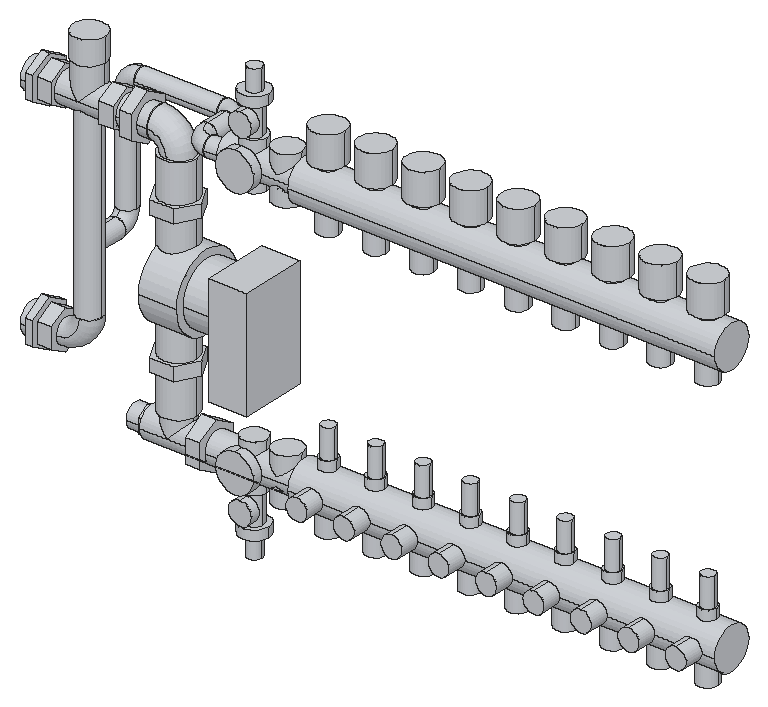
Revit family "318_5a24140bcc7f4765b1e0aee52cd06d", category Pipe Accessories, Revit 2017
Family settings
  Round Connector Dimension = Use Diameter
  Part Type = Valve - Normal
  Work Plane-Based = No
  Always vertical = Yes
  Cut with Voids When Loaded = No
  Shared = No
Parameters (values of type "R559NY009")
  magi_piping_qv_2_9 [instance] = 0.0 L/s
  magi_piping_qv_2_8 [instance] = 0.0 L/s
  magi_piping_qv_2_7 [instance] = 0.0 L/s
  magi_piping_qv_2_6 [instance] = 0.0 L/s
  magi_piping_qv_2_5 [instance] = 0.0 L/s
  magi_piping_qv_2_4 [instance] = 0.0 L/s
  magi_piping_qv_2_3 [instance] = 0.0 L/s
  magi_piping_qv_2_2 [instance] = 0.0 L/s
  magi_piping_qv_2_1 [instance] = 0.0 L/s
  magi_piping_qv_1_9 [instance] = 0.0 L/s
  magi_piping_qv_1_8 [instance] = 0.0 L/s
  magi_piping_qv_1_7 [instance] = 0.0 L/s
  magi_piping_qv_1_6 [instance] = 0.0 L/s
  magi_piping_qv_1_5 [instance] = 0.0 L/s
  magi_piping_qv_1_4 [instance] = 0.0 L/s
  magi_piping_qv_1_3 [instance] = 0.0 L/s
  magi_piping_qv_1_2 [instance] = 0.0 L/s
  magi_piping_qv_1_1 [instance] = 0.0 L/s
  magi_piping_qv [instance] = 0.0 L/s
  magi_piping_power_9 [instance] = 0 W
  magi_piping_power_8 [instance] = 0 W
  magi_piping_power_7 [instance] = 0 W
  magi_piping_power_6 [instance] = 0 W
  magi_piping_power_5 [instance] = 0 W
  magi_piping_power_4 [instance] = 0 W
  magi_piping_power_3 [instance] = 0 W
  magi_piping_power_2 [instance] = 0 W
  magi_piping_power_1 [instance] = 0 W
  magi_piping_kv_9 [instance] = 0
  magi_piping_kv_8 [instance] = 0
  magi_piping_kv_7 [instance] = 0
  magi_piping_kv_6 [instance] = 0
  magi_piping_kv_5 [instance] = 0
  magi_piping_kv_4 [instance] = 0
  magi_piping_kv_3 [instance] = 0
  magi_piping_kv_2 [instance] = 0
  magi_piping_kv_1 [instance] = 0
  magi_piping_dpTot_9 [instance] = 0.0 Pa
  magi_piping_dpTot_8 [instance] = 0.0 Pa
  magi_piping_dpTot_7 [instance] = 0.0 Pa
  magi_piping_dpTot_6 [instance] = 0.0 Pa
  magi_piping_dpTot_5 [instance] = 0.0 Pa
  magi_piping_dpTot_4 [instance] = 0.0 Pa
  magi_piping_dpTot_3 [instance] = 0.0 Pa
  magi_piping_dpTot_2 [instance] = 0.0 Pa
  magi_piping_dpTot_1 [instance] = 0.0 Pa
  magi_adjustmentValue_9 [instance] = ""
  magi_adjustmentValue_8 [instance] = ""
  magi_adjustmentValue_7 [instance] = ""
  magi_adjustmentValue_6 [instance] = ""
  magi_adjustmentValue_5 [instance] = ""
  magi_adjustmentValue_4 [instance] = ""
  magi_adjustmentValue_3 [instance] = ""
  magi_adjustmentValue_2 [instance] = ""
  magi_adjustmentValue_1 [instance] = ""
  magiProductId = "5a24140bcc7f4765b1e0aee52cd06d"
  magiProductFamilyId = "5a24140bcc7f4765b1e0aee52cd06d"
  magiProductCode = "R559NY009"
  magiPartTypeId = 318
  X1 = 312 mm
  VersionID = "2.0/2016.10.37.0/GIACOMINI_R559N_001"
  VL1 = 287 mm
  URL = "http://www.giacomini.com/en"
  SMP = 25 mm
  SBP9 = 18 mm
  SBP8 = 18 mm
  SBP7 = 18 mm
  SBP6 = 18 mm
  SBP5 = 18 mm
  SBP4 = 18 mm
  SBP3 = 18 mm
  SBP2 = 18 mm
  SBP12 = 18 mm
  SBP11 = 18 mm
  SBP10 = 18 mm
  SBP1 = 18 mm
  RMP = 25 mm
  RBP9 = 18 mm
  RBP8 = 18 mm
  RBP7 = 18 mm
  RBP6 = 18 mm
  RBP5 = 18 mm
  RBP4 = 18 mm
  RBP3 = 18 mm
  RBP2 = 18 mm
  RBP12 = 18 mm
  RBP11 = 18 mm
  RBP10 = 18 mm
  RBP1 = 18 mm
  R2 = 22 mm
  QmdConnectorList = "321;SMP;322;SBP1;323;SBP2;324;SBP3;325;SBP4;326;SBP5;327;SBP6;328;SBP7;329;SBP8;330;SBP9;351;RMP;352;RBP1;353;RBP2;354;RBP3;355;RBP4;356;RBP5;357;RBP6;358;RBP7;359;RBP8;360;RBP9"
  Productdata [instance] = "© Progman Oy, all rights reserved"
  N9 = yes
  N8 = yes
  N7 = yes
  N6 = yes
  N5 = yes
  N12 = no
  N11 = no
  N10 = no
  Manufacturer = "Giacomini"
  MC_Default_elevation = 0 mm
  L = 450 mm
  I = 50 mm
  H5 = 33 mm
  H4 = 5 mm
  H3__ve = -H3  # -40 mm
  H3 = 40 mm
  H2__ve = -H2  # -20 mm
  H2 = 20 mm
  H12 = 30 mm
  H11 = 10 mm
  Flow supply main [instance] = Flow supply 1 + Flow supply 2 + Flow supply 3 + Flow supply 4 + Flow supply 5 + Flow supply 6 + Flow supply 7 + Flow supply 8 + Flow supply 9  # 0.0 L/s
  Flow supply 9 [instance] = 0.0 L/s
  Flow supply 8 [instance] = 0.0 L/s
  Flow supply 7 [instance] = 0.0 L/s
  Flow supply 6 [instance] = 0.0 L/s
  Flow supply 5 [instance] = 0.0 L/s
  Flow supply 4 [instance] = 0.0 L/s
  Flow supply 3 [instance] = 0.0 L/s
  Flow supply 2 [instance] = 0.0 L/s
  Flow supply 1 [instance] = 0.0 L/s
  Flow return main [instance] = Flow return 1 + Flow return 2 + Flow return 3 + Flow return 4 + Flow return 5 + Flow return 6 + Flow return 7 + Flow return 8 + Flow return 9  # 0.0 L/s
  Flow return 9 [instance] = 0.0 L/s
  Flow return 8 [instance] = 0.0 L/s
  Flow return 7 [instance] = 0.0 L/s
  Flow return 6 [instance] = 0.0 L/s
  Flow return 5 [instance] = 0.0 L/s
  Flow return 4 [instance] = 0.0 L/s
  Flow return 3 [instance] = 0.0 L/s
  Flow return 2 [instance] = 0.0 L/s
  Flow return 1 [instance] = 0.0 L/s
  E = 285 mm
  Description = "MANIFOLD WITH MIXING VALVE AND ELECTRONIC REGULATION"
  D4 = 22 mm
  D32 = 14 mm
  D31 = 18 mm
  D2 = 44 mm
  CAT0 = yes
Reference planes
  plane 1 "Center (Front/Back)": y = 0
  plane 2 "XYPLANE": z = 0
  plane 3 "Center (Left/Right)": x = 0
  plane 4 "INIT_TEMP": y = 100
  plane 5 "634": y = -5
  plane 6 "630": y = 10
  plane 7 "629": x = 192
  plane 8 "626": x = 177
  plane 9 "621": x = 162
  plane 10 "619": z = 0
  plane 11 "615": x = 75
  plane 12 "614": z = -15
  plane 13 "611": y = 50
  plane 14 "607": z = -126
  plane 15 "606": y = 35
  plane 16 "603": z = -141
  plane 17 "598": x = 122
  plane 18 "595": x = 133
  plane 19 "256": z = -325
  plane 20 "255": z = -162.5
  plane 21 "254": x = 214
  plane 22 "253": x = 184
  plane 23 "252": z = -142.5
  plane 24 "251": x = 144
  plane 25 "250": z = -210
  plane 26 "249": z = 36
  plane 27 "248": z = 67
  plane 28 "247": z = 57
  plane 29 "246": z = 41
  plane 30 "245": z = 25
  plane 31 "244": x = 234
  plane 32 "243": x = 126
  plane 33 "242": z = -231
  plane 34 "241": x = 137
  plane 35 "240": x = 194
  plane 36 "239": y = -16
  plane 37 "238": y = -9
  plane 38 "237": z = -326
  plane 39 "236": z = -352
  plane 40 "235": z = -342
  plane 41 "234": z = -224
  plane 42 "233": z = -264
  plane 43 "232": z = -61
  plane 44 "231": z = -21
  plane 45 "230": x = 287
  plane 46 "229": z = -263
  plane 47 "228": x = 0
  plane 48 "227": y = 0
  plane 49 "226": z = -285
  plane 50 "225": z = 0
  plane 51 "224": z = 22
  plane 52 "223": x = 312
  plane 53 "222": x = 362
  plane 54 "221": y = -22
  plane 55 "220": x = 412
  plane 56 "219": x = 462
  plane 57 "218": x = 512
  plane 58 "217": x = 562
  plane 59 "216": x = 612
  plane 60 "215": x = 662
  plane 61 "214": x = 712
  plane 62 "213": x = 762
  plane 63 "212": x = 812
  plane 64 "211": x = 862
  plane 65 "210": z = -310
  plane 66 "209": z = 27
  plane 67 "208": z = -253
  plane 68 "207": x = 154
  plane 69 "206": z = 25
  plane 70 "205": x = 269
  plane 71 "204": z = -260
  plane 72 "203": x = 60
  plane 73 "202": x = 100
  plane 74 "201": x = 20
  plane 75 "200": x = 35
  plane 76 "199": z = -206
  plane 77 "198": z = -40
  plane 78 "4": x = 10
Forms (mm)
  Extrusion 1, solid
    sketch origin (192, -750, 0) x (0, 1, 0) y (0, 0, 1)
      loop
        circle (745, 0) r 10
    from 0 to 15
  Revolve 2, solid
    sketch origin (177, 10, 0) x (0, 0, -1) y (1, 0, 0)
      loop
        circle (0, 0) r 10
      axis (-10, 15) -> (10, 15)
    angle from 0 to -90
  Extrusion 3, solid
    sketch origin (750, 35, 0) x (-1, 0, 0) y (0, 0, 1)
      loop
        circle (573, 0) r 10
    from 0 to -25
  Revolve 4, solid
    sketch origin (162, 50, 0) x (0, 1, 0) y (0, 0, 1)
      loop
        circle (0, 0) r 10
      axis (-15, 0) -> (-15, 1)
    angle from 0 to -90
  Extrusion 5, solid
    sketch origin (75, -750, 0) x (0, 1, 0) y (0, 0, 1)
      loop
        circle (800, 0) r 10
    from 0 to 87
  Revolve 6, solid
    sketch origin (60, 50, -15) x (1, 0, 0) y (0, 1, 0)
      loop
        circle (0, 0) r 10
      axis (15, 0) -> (15, -1)
    angle from 0 to -90
  Extrusion 7, solid
    sketch origin (-750, 0, -126) x (1, 0, 0) y (0, 1, 0)
      loop
        circle (810, 50) r 10
    from 0 to 111
  Revolve 8, solid
    sketch origin (60, 35, -141) x (0, 0, 1) y (1, 0, 0)
      loop
        circle (0, 0) r 10
      axis (15, 0) -> (15, -1)
    angle from 0 to -90
  Extrusion 9, solid
    sketch origin (750, 0, 0) x (-1, 0, 0) y (0, 0, 1)
      loop
        circle (690, -141) r 10
    from 0 to 35
  Revolve 10, solid
    sketch origin (133, 0, 0) x (0, 1, 0) y (0, 0, 1)
      loop
        circle (0, 0) r 16
      axis (16, -21) -> (-16, -21)
    angle from 0 to -90
  Extrusion 11, solid
    sketch origin (10, -750, 0) x (0, 1, 0) y (0, 0, 1)
      loop
        line (750, 25) -> (728.349, 12.5) -> (728.349, -12.5) -> (750, -25) -> (771.651, -12.5) -> (771.651, 12.5) -> (750, 25)
    from 0 to 8
  Extrusion 12, solid
    sketch origin (0, -750, 0) x (0, 1, 0) y (0, 0, 1)
      loop
        circle (750, 0) r 16
    from 0 to 133
  Extrusion 13, solid
    sketch origin (-750, 0, 36) x (1, 0, 0) y (0, 1, 0)
      loop
        circle (810, 0) r 17
    from 0 to 25
  Extrusion 14, solid
    sketch origin (214, -750, 0) x (0, 1, 0) y (0, 0, 1)
      loop
        line (715, -104.5) -> (715, -220.5) -> (785, -220.5) -> (785, -104.5) -> (715, -104.5)
    from 0 to 40
  Extrusion 15, solid
    sketch origin (184, -750, 0) x (0, 1, 0) y (0, 0, 1)
      loop
        circle (750, -142.5) r 32.5
    from 0 to 30
  Extrusion 16, solid
    sketch origin (144, -750, 0) x (0, 1, 0) y (0, 0, 1)
      loop
        circle (750, -142.5) r 40
    from 0 to 40
  Extrusion 17, solid
    sketch origin (-750, 0, -210) x (1, 0, 0) y (0, 1, 0)
      loop
        circle (904, 0) r 19
    from 0 to 135
  Extrusion 18, solid
    sketch origin (-750, 0, 0) x (1, 0, 0) y (0, 1, 0)
      loop
        circle (810, 0) r 16
    from 0 to 36
  Extrusion 19, solid
    sketch origin (750, -16, 0) x (-1, 0, 0) y (0, 0, 1)
      loop
        circle (516, 0) r 20
    from 0 to -10
  Extrusion 20, solid
    sketch origin (-750, 0, 25) x (1, 0, 0) y (0, 1, 0)
      loop
        circle (984, 0) r 9
    from 0 to 32
  Extrusion 21, solid
    sketch origin (-750, 0, 57) x (1, 0, 0) y (0, 1, 0)
      loop
        circle (984, 0) r 15
    from 0 to 10
  Extrusion 22, solid
    sketch origin (-750, 0, 67) x (1, 0, 0) y (0, 1, 0)
      loop
        circle (984, 0) r 7.5
    from 0 to 22
  Extrusion 23, solid
    sketch origin (750, -9, 0) x (-1, 0, 0) y (0, 0, 1)
      loop
        circle (516, 41) r 12
    from 0 to -10
  Extrusion 24, solid
    sketch origin (-750, 0, 25) x (1, 0, 0) y (0, 1, 0)
      loop
        circle (984, 0) r 13
    from 0 to -50
  Extrusion 25, solid
    sketch origin (750, -16, 0) x (-1, 0, 0) y (0, 0, 1)
      loop
        circle (516, -285) r 20
    from 0 to -10
  Extrusion 26, solid
    sketch origin (750, -9, 0) x (-1, 0, 0) y (0, 0, 1)
      loop
        circle (516, -326) r 12
    from 0 to -10
  Extrusion 27, solid
    sketch origin (-750, 0, -352) x (1, 0, 0) y (0, 1, 0)
      loop
        circle (984, 0) r 7.5
    from 0 to -22
  Extrusion 28, solid
    sketch origin (-750, 0, -342) x (1, 0, 0) y (0, 1, 0)
      loop
        circle (984, 0) r 15
    from 0 to -10
  Extrusion 29, solid
    sketch origin (-750, 0, -310) x (1, 0, 0) y (0, 1, 0)
      loop
        circle (984, 0) r 9
    from 0 to -32
  Extrusion 30, solid
    sketch origin (-750, 0, -264) x (1, 0, 0) y (0, 1, 0)
      loop
        circle (904, 0) r 19
    from 0 to 40
  Extrusion 31, solid
    sketch origin (-750, 0, -285) x (1, 0, 0) y (0, 1, 0)
      loop
        circle (904, 0) r 16
    from 0 to 21
  Extrusion 32, solid
    sketch origin (-750, 0, -224) x (1, 0, 0) y (0, 1, 0)
      loop
        line (929, 0) -> (916.5, 21.651) -> (891.5, 21.651) -> (879, 0) -> (891.5, -21.651) -> (916.5, -21.651) -> (929, 0)
    from 0 to 14
  Extrusion 33, solid
    sketch origin (-750, 0, -61) x (1, 0, 0) y (0, 1, 0)
      loop
        line (879, 0) -> (891.5, -21.651) -> (916.5, -21.651) -> (929, 0) -> (916.5, 21.651) -> (891.5, 21.651) -> (879, 0)
    from 0 to -14
  Extrusion 34, solid
    sketch origin (-750, 0, -21) x (1, 0, 0) y (0, 1, 0)
      loop
        circle (904, 0) r 19
    from 0 to -40
  Extrusion 35, solid, visible <- "CAT0"
    sketch origin (126, -750, 0) x (0, 1, 0) y (0, 0, 1)
      loop
        circle (750, -285) r 12.5
    from 0 to -17
  Extrusion 36, solid
    sketch origin (137, -750, 0) x (0, 1, 0) y (0, 0, 1)
      loop
        line (750, -270) -> (737.01, -277.5) -> (737.01, -292.5) -> (750, -300) -> (762.99, -292.5) -> (762.99, -277.5) -> (750, -270)
    from 0 to -15
  Extrusion 37, solid
    sketch origin (122, -750, 0) x (0, 1, 0) y (0, 0, 1)
      loop
        line (750, 25) -> (728.349, 12.5) -> (728.349, -12.5) -> (750, -25) -> (771.651, -12.5) -> (771.651, 12.5) -> (750, 25)
    from 0 to -13
  Extrusion 38, solid
    sketch origin (287, -750, 0) x (0, 1, 0) y (0, 0, 1)
      loop
        circle (750, 0) r 16
    from 0 to -80
  Extrusion 39, solid
    sketch origin (194, -750, 0) x (0, 1, 0) y (0, 0, 1)
      loop
        line (750, -260) -> (728.349, -272.5) -> (728.349, -297.5) -> (750, -310) -> (771.651, -297.5) -> (771.651, -272.5) -> (750, -260)
    from 0 to -15
  Extrusion 40, solid
    sketch origin (287, -750, 0) x (0, 1, 0) y (0, 0, 1)
      loop
        circle (750, -285) r 16
    from 0 to -161
  Extrusion 41, solid, visible <- "N10"
    sketch origin (-750, 0, 0) x (1, 0, 0) y (0, 1, 0)
      loop
        circle (1512, 0) r 11
    from 0 to -40 <- "H3__ve"
  Extrusion 42, solid, visible <- "N10"
    sketch origin (-750, 0, 22) x (1, 0, 0) y (0, 1, 0)
      loop
        circle (1512, 0) r 11
    from 0 to 5 <- "H4"
  Extrusion 43, solid, visible <- "N10"
    sketch origin (-750, 0, 27) x (1, 0, 0) y (0, 1, 0)
      loop
        circle (1512, 0) r 17.5
    from 0 to 33 <- "H5"
  Extrusion 44, solid, visible <- "N12"
    sketch origin (-750, 0, 27) x (1, 0, 0) y (0, 1, 0)
      loop
        circle (1612, 0) r 17.5
    from 0 to 33 <- "H5"
  Extrusion 45, solid, visible <- "N12"
    sketch origin (-750, 0, 22) x (1, 0, 0) y (0, 1, 0)
      loop
        circle (1612, 0) r 11
    from 0 to 5 <- "H4"
  Extrusion 46, solid, visible <- "N12"
    sketch origin (-750, 0, 0) x (1, 0, 0) y (0, 1, 0)
      loop
        circle (1612, 0) r 11
    from 0 to -40 <- "H3__ve"
  Extrusion 47, solid, visible <- "N11"
    sketch origin (-750, 0, 0) x (1, 0, 0) y (0, 1, 0)
      loop
        circle (1562, 0) r 11
    from 0 to -40 <- "H3__ve"
  Extrusion 48, solid, visible <- "N11"
    sketch origin (-750, 0, 22) x (1, 0, 0) y (0, 1, 0)
      loop
        circle (1562, 0) r 11
    from 0 to 5 <- "H4"
  Extrusion 49, solid, visible <- "N11"
    sketch origin (-750, 0, 27) x (1, 0, 0) y (0, 1, 0)
      loop
        circle (1562, 0) r 17.5
    from 0 to 33 <- "H5"
  Extrusion 50, solid, visible <- "N8"
    sketch origin (-750, 0, 27) x (1, 0, 0) y (0, 1, 0)
      loop
        circle (1412, 0) r 17.5
    from 0 to 33 <- "H5"
  Extrusion 51, solid, visible <- "N8"
    sketch origin (-750, 0, 22) x (1, 0, 0) y (0, 1, 0)
      loop
        circle (1412, 0) r 11
    from 0 to 5 <- "H4"
  Extrusion 52, solid, visible <- "N8"
    sketch origin (-750, 0, 0) x (1, 0, 0) y (0, 1, 0)
      loop
        circle (1412, 0) r 11
    from 0 to -40 <- "H3__ve"
  Extrusion 53, solid, visible <- "N9"
    sketch origin (-750, 0, 0) x (1, 0, 0) y (0, 1, 0)
      loop
        circle (1462, 0) r 11
    from 0 to -40 <- "H3__ve"
  Extrusion 54, solid, visible <- "N9"
    sketch origin (-750, 0, 22) x (1, 0, 0) y (0, 1, 0)
      loop
        circle (1462, 0) r 11
    from 0 to 5 <- "H4"
  Extrusion 55, solid, visible <- "N9"
    sketch origin (-750, 0, 27) x (1, 0, 0) y (0, 1, 0)
      loop
        circle (1462, 0) r 17.5
    from 0 to 33 <- "H5"
  Extrusion 56, solid, visible <- "N7"
    sketch origin (-750, 0, 27) x (1, 0, 0) y (0, 1, 0)
      loop
        circle (1362, 0) r 17.5
    from 0 to 33 <- "H5"
  Extrusion 57, solid, visible <- "N7"
    sketch origin (-750, 0, 22) x (1, 0, 0) y (0, 1, 0)
      loop
        circle (1362, 0) r 11
    from 0 to 5 <- "H4"
  Extrusion 58, solid, visible <- "N7"
    sketch origin (-750, 0, 0) x (1, 0, 0) y (0, 1, 0)
      loop
        circle (1362, 0) r 11
    from 0 to -40 <- "H3__ve"
  Extrusion 59, solid, visible <- "N6"
    sketch origin (-750, 0, 0) x (1, 0, 0) y (0, 1, 0)
      loop
        circle (1312, 0) r 11
    from 0 to -40 <- "H3__ve"
  Extrusion 60, solid, visible <- "N6"
    sketch origin (-750, 0, 22) x (1, 0, 0) y (0, 1, 0)
      loop
        circle (1312, 0) r 11
    from 0 to 5 <- "H4"
  Extrusion 61, solid, visible <- "N6"
    sketch origin (-750, 0, 27) x (1, 0, 0) y (0, 1, 0)
      loop
        circle (1312, 0) r 17.5
    from 0 to 33 <- "H5"
  Extrusion 62, solid, visible <- "N5"
    sketch origin (-750, 0, 27) x (1, 0, 0) y (0, 1, 0)
      loop
        circle (1262, 0) r 17.5
    from 0 to 33 <- "H5"
  Extrusion 63, solid, visible <- "N5"
    sketch origin (-750, 0, 22) x (1, 0, 0) y (0, 1, 0)
      loop
        circle (1262, 0) r 11
    from 0 to 5 <- "H4"
  Extrusion 64, solid, visible <- "N5"
    sketch origin (-750, 0, 0) x (1, 0, 0) y (0, 1, 0)
      loop
        circle (1262, 0) r 11
    from 0 to -40 <- "H3__ve"
  Extrusion 65, solid
    sketch origin (-750, 0, 0) x (1, 0, 0) y (0, 1, 0)
      loop
        circle (1212, 0) r 11
    from 0 to -40 <- "H3__ve"
  Extrusion 66, solid
    sketch origin (-750, 0, 22) x (1, 0, 0) y (0, 1, 0)
      loop
        circle (1212, 0) r 11
    from 0 to 5 <- "H4"
  Extrusion 67, solid
    sketch origin (-750, 0, 27) x (1, 0, 0) y (0, 1, 0)
      loop
        circle (1212, 0) r 17.5
    from 0 to 33 <- "H5"
  Extrusion 68, solid
    sketch origin (-750, 0, 27) x (1, 0, 0) y (0, 1, 0)
      loop
        circle (1162, 0) r 17.5
    from 0 to 33 <- "H5"
  Extrusion 69, solid
    sketch origin (-750, 0, 22) x (1, 0, 0) y (0, 1, 0)
      loop
        circle (1162, 0) r 11
    from 0 to 5 <- "H4"
  Extrusion 70, solid
    sketch origin (-750, 0, 22) x (1, 0, 0) y (0, 1, 0)
      loop
        circle (1112, 0) r 11
    from 0 to 5 <- "H4"
  Extrusion 71, solid
    sketch origin (-750, 0, 27) x (1, 0, 0) y (0, 1, 0)
      loop
        circle (1112, 0) r 17.5
    from 0 to 33 <- "H5"
  Extrusion 72, solid
    sketch origin (-750, 0, 27) x (1, 0, 0) y (0, 1, 0)
      loop
        circle (1062, 0) r 17.5
    from 0 to 33 <- "H5"
  Extrusion 73, solid
    sketch origin (-750, 0, 22) x (1, 0, 0) y (0, 1, 0)
      loop
        circle (1062, 0) r 11
    from 0 to 5 <- "H4"
  Extrusion 74, solid
    sketch origin (-750, 0, 0) x (1, 0, 0) y (0, 1, 0)
      loop
        circle (1162, 0) r 11
    from 0 to -40 <- "H3__ve"
  Extrusion 75, solid
    sketch origin (-750, 0, 0) x (1, 0, 0) y (0, 1, 0)
      loop
        circle (1062, 0) r 11
    from 0 to -40 <- "H3__ve"
  Extrusion 76, solid
    sketch origin (-750, 0, 0) x (1, 0, 0) y (0, 1, 0)
      loop
        circle (1112, 0) r 11
    from 0 to -40 <- "H3__ve"
  Extrusion 77, solid
    sketch origin (287, -750, 0) x (0, 1, 0) y (0, 0, 1)
      loop
        circle (750, 0) r 22
    from 0 to 450 <- "L"
  Extrusion 78, solid, visible <- "N8"
    sketch origin (-750, 0, -285) x (1, 0, 0) y (0, 1, 0)
      loop
        circle (1412, 0) r 11
    from 0 to -40 <- "H3__ve"
  Extrusion 79, solid, visible <- "N9"
    sketch origin (-750, 0, -285) x (1, 0, 0) y (0, 1, 0)
      loop
        circle (1462, 0) r 11
    from 0 to -40 <- "H3__ve"
  Extrusion 80, solid, visible <- "N10"
    sketch origin (-750, 0, -285) x (1, 0, 0) y (0, 1, 0)
      loop
        circle (1512, 0) r 11
    from 0 to -40 <- "H3__ve"
  Extrusion 81, solid, visible <- "N11"
    sketch origin (-750, 0, -285) x (1, 0, 0) y (0, 1, 0)
      loop
        circle (1562, 0) r 11
    from 0 to -40 <- "H3__ve"
  Extrusion 82, solid, visible <- "N12"
    sketch origin (-750, 0, -285) x (1, 0, 0) y (0, 1, 0)
      loop
        circle (1612, 0) r 11
    from 0 to -40 <- "H3__ve"
  Extrusion 83, solid, visible <- "N7"
    sketch origin (-750, 0, -285) x (1, 0, 0) y (0, 1, 0)
      loop
        circle (1362, 0) r 11
    from 0 to -40 <- "H3__ve"
  Extrusion 84, solid, visible <- "N6"
    sketch origin (-750, 0, -285) x (1, 0, 0) y (0, 1, 0)
      loop
        circle (1312, 0) r 11
    from 0 to -40 <- "H3__ve"
  Extrusion 85, solid, visible <- "N5"
    sketch origin (-750, 0, -285) x (1, 0, 0) y (0, 1, 0)
      loop
        circle (1262, 0) r 11
    from 0 to -40 <- "H3__ve"
  Extrusion 86, solid
    sketch origin (-750, 0, -285) x (1, 0, 0) y (0, 1, 0)
      loop
        circle (1212, 0) r 11
    from 0 to -40 <- "H3__ve"
  Extrusion 87, solid
    sketch origin (-750, 0, -285) x (1, 0, 0) y (0, 1, 0)
      loop
        circle (1162, 0) r 11
    from 0 to -40 <- "H3__ve"
  Extrusion 88, solid
    sketch origin (-750, 0, -285) x (1, 0, 0) y (0, 1, 0)
      loop
        circle (1112, 0) r 11
    from 0 to -40 <- "H3__ve"
  Extrusion 89, solid
    sketch origin (-750, 0, -285) x (1, 0, 0) y (0, 1, 0)
      loop
        circle (1062, 0) r 11
    from 0 to -40 <- "H3__ve"
  Extrusion 90, solid
    sketch origin (287, -750, 0) x (0, 1, 0) y (0, 0, 1)
      loop
        circle (750, -285) r 22
    from 0 to 450 <- "L"
  Extrusion 91, solid
    sketch origin (-750, 0, -263) x (1, 0, 0) y (0, 1, 0)
      loop
        circle (1062, 0) r 9
    from 0 to 10 <- "H11"
  Extrusion 92, solid
    sketch origin (750, -22, 0) x (-1, 0, 0) y (0, 0, 1)
      loop
        circle (438, -285) r 11
    from 0 to -20 <- "H2__ve"
  Extrusion 93, solid
    sketch origin (750, -22, 0) x (-1, 0, 0) y (0, 0, 1)
      loop
        circle (388, -285) r 11
    from 0 to -20 <- "H2__ve"
  Extrusion 94, solid
    sketch origin (750, -22, 0) x (-1, 0, 0) y (0, 0, 1)
      loop
        circle (338, -285) r 11
    from 0 to -20 <- "H2__ve"
  Extrusion 95, solid
    sketch origin (-750, 0, -253) x (1, 0, 0) y (0, 1, 0)
      loop
        circle (1062, 0) r 7
    from 0 to 30 <- "H12"
  Extrusion 96, solid
    sketch origin (-750, 0, -253) x (1, 0, 0) y (0, 1, 0)
      loop
        circle (1112, 0) r 7
    from 0 to 30 <- "H12"
  Extrusion 97, solid
    sketch origin (-750, 0, -263) x (1, 0, 0) y (0, 1, 0)
      loop
        circle (1112, 0) r 9
    from 0 to 10 <- "H11"
  Extrusion 98, solid
    sketch origin (-750, 0, -263) x (1, 0, 0) y (0, 1, 0)
      loop
        circle (1162, 0) r 9
    from 0 to 10 <- "H11"
  Extrusion 99, solid
    sketch origin (-750, 0, -253) x (1, 0, 0) y (0, 1, 0)
      loop
        circle (1162, 0) r 7
    from 0 to 30 <- "H12"
  Extrusion 100, solid
    sketch origin (-750, 0, -253) x (1, 0, 0) y (0, 1, 0)
      loop
        circle (1212, 0) r 7
    from 0 to 30 <- "H12"
  Extrusion 101, solid
    sketch origin (-750, 0, -263) x (1, 0, 0) y (0, 1, 0)
      loop
        circle (1212, 0) r 9
    from 0 to 10 <- "H11"
  Extrusion 102, solid
    sketch origin (750, -22, 0) x (-1, 0, 0) y (0, 0, 1)
      loop
        circle (288, -285) r 11
    from 0 to -20 <- "H2__ve"
  Extrusion 103, solid, visible <- "N5"
    sketch origin (750, -22, 0) x (-1, 0, 0) y (0, 0, 1)
      loop
        circle (238, -285) r 11
    from 0 to -20 <- "H2__ve"
  Extrusion 104, solid, visible <- "N5"
    sketch origin (-750, 0, -263) x (1, 0, 0) y (0, 1, 0)
      loop
        circle (1262, 0) r 9
    from 0 to 10 <- "H11"
  Extrusion 105, solid, visible <- "N5"
    sketch origin (-750, 0, -253) x (1, 0, 0) y (0, 1, 0)
      loop
        circle (1262, 0) r 7
    from 0 to 30 <- "H12"
  Extrusion 106, solid, visible <- "N6"
    sketch origin (-750, 0, -253) x (1, 0, 0) y (0, 1, 0)
      loop
        circle (1312, 0) r 7
    from 0 to 30 <- "H12"
  Extrusion 107, solid, visible <- "N6"
    sketch origin (-750, 0, -263) x (1, 0, 0) y (0, 1, 0)
      loop
        circle (1312, 0) r 9
    from 0 to 10 <- "H11"
  Extrusion 108, solid, visible <- "N6"
    sketch origin (750, -22, 0) x (-1, 0, 0) y (0, 0, 1)
      loop
        circle (188, -285) r 11
    from 0 to -20 <- "H2__ve"
  Extrusion 109, solid, visible <- "N7"
    sketch origin (750, -22, 0) x (-1, 0, 0) y (0, 0, 1)
      loop
        circle (138, -285) r 11
    from 0 to -20 <- "H2__ve"
  Extrusion 110, solid, visible <- "N7"
    sketch origin (-750, 0, -263) x (1, 0, 0) y (0, 1, 0)
      loop
        circle (1362, 0) r 9
    from 0 to 10 <- "H11"
  Extrusion 111, solid, visible <- "N7"
    sketch origin (-750, 0, -253) x (1, 0, 0) y (0, 1, 0)
      loop
        circle (1362, 0) r 7
    from 0 to 30 <- "H12"
  Extrusion 112, solid, visible <- "N8"
    sketch origin (-750, 0, -253) x (1, 0, 0) y (0, 1, 0)
      loop
        circle (1412, 0) r 7
    from 0 to 30 <- "H12"
  Extrusion 113, solid, visible <- "N8"
    sketch origin (-750, 0, -263) x (1, 0, 0) y (0, 1, 0)
      loop
        circle (1412, 0) r 9
    from 0 to 10 <- "H11"
  Extrusion 114, solid, visible <- "N8"
    sketch origin (750, -22, 0) x (-1, 0, 0) y (0, 0, 1)
      loop
        circle (88, -285) r 11
    from 0 to -20 <- "H2__ve"
  Extrusion 115, solid, visible <- "N10"
    sketch origin (750, -22, 0) x (-1, 0, 0) y (0, 0, 1)
      loop
        circle (-12, -285) r 11
    from 0 to -20 <- "H2__ve"
  Extrusion 116, solid, visible <- "N10"
    sketch origin (-750, 0, -263) x (1, 0, 0) y (0, 1, 0)
      loop
        circle (1512, 0) r 9
    from 0 to 10 <- "H11"
  Extrusion 117, solid, visible <- "N10"
    sketch origin (-750, 0, -253) x (1, 0, 0) y (0, 1, 0)
      loop
        circle (1512, 0) r 7
    from 0 to 30 <- "H12"
  Extrusion 118, solid, visible <- "N9"
    sketch origin (-750, 0, -253) x (1, 0, 0) y (0, 1, 0)
      loop
        circle (1462, 0) r 7
    from 0 to 30 <- "H12"
  Extrusion 119, solid, visible <- "N9"
    sketch origin (-750, 0, -263) x (1, 0, 0) y (0, 1, 0)
      loop
        circle (1462, 0) r 9
    from 0 to 10 <- "H11"
  Extrusion 120, solid, visible <- "N9"
    sketch origin (750, -22, 0) x (-1, 0, 0) y (0, 0, 1)
      loop
        circle (38, -285) r 11
    from 0 to -20 <- "H2__ve"
  Extrusion 121, solid, visible <- "N11"
    sketch origin (-750, 0, -253) x (1, 0, 0) y (0, 1, 0)
      loop
        circle (1562, 0) r 7
    from 0 to 30 <- "H12"
  Extrusion 122, solid, visible <- "N11"
    sketch origin (-750, 0, -263) x (1, 0, 0) y (0, 1, 0)
      loop
        circle (1562, 0) r 9
    from 0 to 10 <- "H11"
  Extrusion 123, solid, visible <- "N11"
    sketch origin (750, -22, 0) x (-1, 0, 0) y (0, 0, 1)
      loop
        circle (-62, -285) r 11
    from 0 to -20 <- "H2__ve"
  Extrusion 124, solid, visible <- "N12"
    sketch origin (750, -22, 0) x (-1, 0, 0) y (0, 0, 1)
      loop
        circle (-112, -285) r 11
    from 0 to -20 <- "H2__ve"
  Extrusion 125, solid, visible <- "N12"
    sketch origin (-750, 0, -263) x (1, 0, 0) y (0, 1, 0)
      loop
        circle (1612, 0) r 9
    from 0 to 10 <- "H11"
  Extrusion 126, solid, visible <- "N12"
    sketch origin (-750, 0, -253) x (1, 0, 0) y (0, 1, 0)
      loop
        circle (1612, 0) r 7
    from 0 to 30 <- "H12"
  Extrusion 127, solid, visible <- "CAT0"
    sketch origin (-750, 0, 25) x (1, 0, 0) y (0, 1, 0)
      loop
        circle (1019, 0) r 15
    from 0 to -50
  Extrusion 128, solid
    sketch origin (-750, 0, -310) x (1, 0, 0) y (0, 1, 0)
      loop
        circle (984, 0) r 13
    from 0 to 50
  Extrusion 129, solid, visible <- "CAT0"
    sketch origin (-750, 0, -260) x (1, 0, 0) y (0, 1, 0)
      loop
        circle (1019, 0) r 15
    from 0 to -50
  Extrusion 130, solid
    sketch origin (100, -750, 0) x (0, 1, 0) y (0, 0, 1)
      loop
        line (750, 21) -> (731.813, 10.5) -> (731.813, -10.5) -> (750, -21) -> (768.187, -10.5) -> (768.187, 10.5) -> (750, 21)
    from 0 to -15
  Extrusion 131, solid
    sketch origin (-750, 0, 0) x (1, 0, 0) y (0, 1, 0)
      loop
        circle (810, 0) r 13
    from 0 to -206
  Extrusion 132, solid
    sketch origin (20, -750, 0) x (0, 1, 0) y (0, 0, 1)
      loop
        line (750, 21) -> (731.813, 10.5) -> (731.813, -10.5) -> (750, -21) -> (768.187, -10.5) -> (768.187, 10.5) -> (750, 21)
    from 0 to 15
  Extrusion 133, solid
    sketch origin (20, -750, 0) x (0, 1, 0) y (0, 0, 1)
      loop
        line (750, -210) -> (731.813, -220.5) -> (731.813, -241.5) -> (750, -252) -> (768.187, -241.5) -> (768.187, -220.5) -> (750, -210)
    from 0 to 15
  Extrusion 134, solid
    sketch origin (20, -750, 0) x (0, 1, 0) y (0, 0, 1)
      loop
        circle (750, -231) r 16
    from 0 to -20
  Revolve 135, solid
    sketch origin (35, 0, -231) x (0, 1, 0) y (0, 0, 1)
      loop
        circle (0, 0) r 13
      axis (-13, 25) -> (13, 25)
    angle from 0 to -90
  Extrusion 136, solid
    sketch origin (10, -750, 0) x (0, 1, 0) y (0, 0, 1)
      loop
        line (750, -206) -> (728.349, -218.5) -> (728.349, -243.5) -> (750, -256) -> (771.651, -243.5) -> (771.651, -218.5) -> (750, -206)
    from 0 to 8
  Extrusion 137, solid, not visible
    sketch origin (-750, 0, -40) x (1, 0, 0) y (0, 1, 0)
      loop
        circle (1412, 0) r 10
    from 0 to 10
  Extrusion 138, solid, not visible
    sketch origin (-750, 0, -40) x (1, 0, 0) y (0, 1, 0)
      loop
        circle (1462, 0) r 10
    from 0 to 10
  Extrusion 139, solid, not visible
    sketch origin (-750, 0, -40) x (1, 0, 0) y (0, 1, 0)
      loop
        circle (1362, 0) r 10
    from 0 to 10
  Extrusion 140, solid, not visible
    sketch origin (-750, 0, -40) x (1, 0, 0) y (0, 1, 0)
      loop
        circle (1312, 0) r 10
    from 0 to 10
  Extrusion 141, solid, not visible
    sketch origin (-750, 0, -40) x (1, 0, 0) y (0, 1, 0)
      loop
        circle (1262, 0) r 10
    from 0 to 10
  Extrusion 142, solid, not visible
    sketch origin (-750, 0, -40) x (1, 0, 0) y (0, 1, 0)
      loop
        circle (1212, 0) r 10
    from 0 to 10
  Extrusion 143, solid, not visible
    sketch origin (-750, 0, -40) x (1, 0, 0) y (0, 1, 0)
      loop
        circle (1112, 0) r 10
    from 0 to 10
  Extrusion 144, solid, not visible
    sketch origin (-750, 0, -40) x (1, 0, 0) y (0, 1, 0)
      loop
        circle (1062, 0) r 10
    from 0 to 10
  Extrusion 145, solid, not visible
    sketch origin (-750, 0, -40) x (1, 0, 0) y (0, 1, 0)
      loop
        circle (1162, 0) r 10
    from 0 to 10
  Extrusion 146, solid, not visible
    sketch origin (-750, 0, -325) x (1, 0, 0) y (0, 1, 0)
      loop
        circle (1412, 0) r 10
    from 0 to 10
  Extrusion 147, solid, not visible
    sketch origin (-750, 0, -325) x (1, 0, 0) y (0, 1, 0)
      loop
        circle (1462, 0) r 10
    from 0 to 10
  Extrusion 148, solid, not visible
    sketch origin (-750, 0, -325) x (1, 0, 0) y (0, 1, 0)
      loop
        circle (1362, 0) r 10
    from 0 to 10
  Extrusion 149, solid, not visible
    sketch origin (-750, 0, -325) x (1, 0, 0) y (0, 1, 0)
      loop
        circle (1312, 0) r 10
    from 0 to 10
  Extrusion 150, solid, not visible
    sketch origin (-750, 0, -325) x (1, 0, 0) y (0, 1, 0)
      loop
        circle (1262, 0) r 10
    from 0 to 10
  Extrusion 151, solid, not visible
    sketch origin (-750, 0, -325) x (1, 0, 0) y (0, 1, 0)
      loop
        circle (1212, 0) r 10
    from 0 to 10
  Extrusion 152, solid, not visible
    sketch origin (-750, 0, -325) x (1, 0, 0) y (0, 1, 0)
      loop
        circle (1162, 0) r 10
    from 0 to 10
  Extrusion 153, solid, not visible
    sketch origin (0, -750, 0) x (0, 1, 0) y (0, 0, 1)
      loop
        circle (750, 0) r 10
    from 0 to 10
  Extrusion 154, solid, not visible
    sketch origin (0, -750, 0) x (0, 1, 0) y (0, 0, 1)
      loop
        circle (750, -231) r 10
    from 0 to 10
  Extrusion 155, solid, not visible
    sketch origin (-750, 0, -325) x (1, 0, 0) y (0, 1, 0)
      loop
        circle (1062, 0) r 10
    from 0 to 10
  Extrusion 156, solid, not visible
    sketch origin (-750, 0, -325) x (1, 0, 0) y (0, 1, 0)
      loop
        circle (1112, 0) r 10
    from 0 to 10
Text (mm)
  text "© Progman Oy, all rights reserved" at (-472.209, -2482.653, 0), in view "Ref. Level"
Dimensions and locks
  plane 4 "INIT_TEMP" to plane 1 "Center (Front/Back)" = 100 mm
  locked: plane 6 "630" to plane 5 "634" at 15
  locked: plane 15 "606" to plane 6 "630" at 25
  locked: plane 8 "626" to plane 7 "629" at 15
  locked: plane 9 "621" to plane 8 "626" at 15
  locked: plane 11 "615" to plane 9 "621" at 87
  locked: plane 12 "614" to plane 10 "619" at 15
  locked: plane 72 "203" to plane 11 "615" at 15
  locked: plane 14 "607" to plane 12 "614" at 111
  locked: plane 15 "606" to plane 13 "611" at 15
  locked: plane 16 "603" to plane 14 "607" at 15
  locked: plane 1 "Center (Front/Back)" to plane 15 "606" at 35
  locked: plane 2 "XYPLANE" to plane 16 "603" at 141
  locked: plane 73 "202" to plane 17 "598" at 22
  locked: plane 68 "207" to plane 18 "595" at 21
  "H3": plane 49 "226" to plane 19 "256"
  locked: plane 23 "252" to plane 20 "255" at 20
  locked: plane 22 "253" to plane 21 "254" at 30
  locked: plane 24 "251" to plane 22 "253" at 40
  locked: plane 25 "250" to plane 23 "252" at 67.5
  locked: plane 68 "207" to plane 24 "251" at 10
  locked: plane 41 "234" to plane 25 "250" at 14
  locked: plane 2 "XYPLANE" to plane 26 "249" at 36
  locked: plane 28 "247" to plane 27 "248" at 10
  locked: plane 30 "245" to plane 28 "247" at 32
  locked: plane 30 "245" to plane 29 "246" at 16
  locked: plane 2 "XYPLANE" to plane 30 "245" at 25
  locked: plane 45 "230" to plane 31 "244" at 53
  locked: plane 45 "230" to plane 32 "243" at 161
  locked: plane 2 "XYPLANE" to plane 33 "242" at 231
  locked: plane 68 "207" to plane 34 "241" at 17
  locked: plane 68 "207" to plane 35 "240" at 40
  locked: plane 1 "Center (Front/Back)" to plane 36 "239" at 16
  locked: plane 1 "Center (Front/Back)" to plane 37 "238" at 9
  locked: plane 65 "210" to plane 38 "237" at 16
  locked: plane 40 "235" to plane 39 "236" at 10
  locked: plane 65 "210" to plane 40 "235" at 32
  locked: plane 42 "233" to plane 41 "234" at 40
  locked: plane 49 "226" to plane 42 "233" at 21
  locked: plane 44 "231" to plane 43 "232" at 40
  locked: plane 2 "XYPLANE" to plane 44 "231" at 21
  "VL1": plane 3 "Center (Left/Right)" to plane 45 "230"
  "R2": plane 49 "226" to plane 46 "229"
  locked: plane 3 "Center (Left/Right)" to plane 47 "228"
  locked: plane 1 "Center (Front/Back)" to plane 48 "227"
  "E": plane 2 "XYPLANE" to plane 49 "226"
  locked: plane 2 "XYPLANE" to plane 50 "225"
  "R2": plane 2 "XYPLANE" to plane 51 "224"
  "X1": plane 3 "Center (Left/Right)" to plane 52 "223"
  "I": plane 52 "223" to plane 53 "222"
  "R2": plane 1 "Center (Front/Back)" to plane 54 "221"
  "I": plane 53 "222" to plane 55 "220"
  "I": plane 55 "220" to plane 56 "219"
  "I": plane 56 "219" to plane 57 "218"
  "I": plane 57 "218" to plane 58 "217"
  "I": plane 58 "217" to plane 59 "216"
  "I": plane 59 "216" to plane 60 "215"
  "I": plane 60 "215" to plane 61 "214"
  "I": plane 61 "214" to plane 62 "213"
  "I": plane 62 "213" to plane 63 "212"
  "I": plane 63 "212" to plane 64 "211"
  locked: plane 49 "226" to plane 65 "210" at 25
  "H4": plane 51 "224" to plane 66 "209"
  "H11": plane 46 "229" to plane 67 "208"
  locked: plane 3 "Center (Left/Right)" to plane 68 "207" at 154
  locked: plane 2 "XYPLANE" to plane 69 "206" at 25
  locked: plane 45 "230" to plane 70 "205" at 18
  locked: plane 49 "226" to plane 71 "204" at 25
  locked: plane 45 "230" to plane 72 "203" at 227
  locked: plane 72 "203" to plane 73 "202" at 40
  locked: plane 72 "203" to plane 74 "201" at 40
  locked: plane 74 "201" to plane 75 "200" at 15
  locked: plane 33 "242" to plane 76 "199" at 25
  "H3": plane 2 "XYPLANE" to plane 77 "198"
  locked: plane 3 "Center (Left/Right)" to plane 78 "4" at 10
  "D4": diameter of Extrusion 41 sketch curve
  "D4": diameter of Extrusion 42 sketch curve
  diameter of Extrusion 43 sketch curve = 35 mm
  diameter of Extrusion 44 sketch curve = 35 mm
  "D4": diameter of Extrusion 45 sketch curve
  "D4": diameter of Extrusion 46 sketch curve
  "D4": diameter of Extrusion 47 sketch curve
  "D4": diameter of Extrusion 48 sketch curve
  diameter of Extrusion 49 sketch curve = 35 mm
  diameter of Extrusion 50 sketch curve = 35 mm
  "D4": diameter of Extrusion 51 sketch curve
  "D4": diameter of Extrusion 52 sketch curve
  "D4": diameter of Extrusion 53 sketch curve
  "D4": diameter of Extrusion 54 sketch curve
  diameter of Extrusion 55 sketch curve = 35 mm
  diameter of Extrusion 56 sketch curve = 35 mm
  "D4": diameter of Extrusion 57 sketch curve
  "D4": diameter of Extrusion 58 sketch curve
  "D4": diameter of Extrusion 59 sketch curve
  "D4": diameter of Extrusion 60 sketch curve
  diameter of Extrusion 61 sketch curve = 35 mm
  diameter of Extrusion 62 sketch curve = 35 mm
  "D4": diameter of Extrusion 63 sketch curve
  "D4": diameter of Extrusion 64 sketch curve
  "D4": diameter of Extrusion 65 sketch curve
  "D4": diameter of Extrusion 66 sketch curve
  diameter of Extrusion 67 sketch curve = 35 mm
  diameter of Extrusion 68 sketch curve = 35 mm
  "D4": diameter of Extrusion 69 sketch curve
  "D4": diameter of Extrusion 70 sketch curve
  diameter of Extrusion 71 sketch curve = 35 mm
  diameter of Extrusion 72 sketch curve = 35 mm
  "D4": diameter of Extrusion 73 sketch curve
  "D4": diameter of Extrusion 74 sketch curve
  "D4": diameter of Extrusion 75 sketch curve
  "D4": diameter of Extrusion 76 sketch curve
  "D2": diameter of Extrusion 77 sketch curve
  "D4": diameter of Extrusion 78 sketch curve
  "D4": diameter of Extrusion 79 sketch curve
  "D4": diameter of Extrusion 80 sketch curve
  "D4": diameter of Extrusion 81 sketch curve
  "D4": diameter of Extrusion 82 sketch curve
  "D4": diameter of Extrusion 83 sketch curve
  "D4": diameter of Extrusion 84 sketch curve
  "D4": diameter of Extrusion 85 sketch curve
  "D4": diameter of Extrusion 86 sketch curve
  "D4": diameter of Extrusion 87 sketch curve
  "D4": diameter of Extrusion 88 sketch curve
  "D4": diameter of Extrusion 89 sketch curve
  "D2": diameter of Extrusion 90 sketch curve
  "D31": diameter of Extrusion 91 sketch curve
  "D4": diameter of Extrusion 92 sketch curve
  "D4": diameter of Extrusion 93 sketch curve
  "D4": diameter of Extrusion 94 sketch curve
  "D32": diameter of Extrusion 95 sketch curve
  "D32": diameter of Extrusion 96 sketch curve
  "D31": diameter of Extrusion 97 sketch curve
  "D31": diameter of Extrusion 98 sketch curve
  "D32": diameter of Extrusion 99 sketch curve
  "D32": diameter of Extrusion 100 sketch curve
  "D31": diameter of Extrusion 101 sketch curve
  "D4": diameter of Extrusion 102 sketch curve
  "D4": diameter of Extrusion 103 sketch curve
  "D31": diameter of Extrusion 104 sketch curve
  "D32": diameter of Extrusion 105 sketch curve
  "D32": diameter of Extrusion 106 sketch curve
  "D31": diameter of Extrusion 107 sketch curve
  "D4": diameter of Extrusion 108 sketch curve
  "D4": diameter of Extrusion 109 sketch curve
  "D31": diameter of Extrusion 110 sketch curve
  "D32": diameter of Extrusion 111 sketch curve
  "D32": diameter of Extrusion 112 sketch curve
  "D31": diameter of Extrusion 113 sketch curve
  "D4": diameter of Extrusion 114 sketch curve
  "D4": diameter of Extrusion 115 sketch curve
  "D31": diameter of Extrusion 116 sketch curve
  "D32": diameter of Extrusion 117 sketch curve
  "D32": diameter of Extrusion 118 sketch curve
  "D31": diameter of Extrusion 119 sketch curve
  "D4": diameter of Extrusion 120 sketch curve
  "D32": diameter of Extrusion 121 sketch curve
  "D31": diameter of Extrusion 122 sketch curve
  "D4": diameter of Extrusion 123 sketch curve
  "D4": diameter of Extrusion 124 sketch curve
  "D31": diameter of Extrusion 125 sketch curve
  "D32": diameter of Extrusion 126 sketch curve
  aligned and locked: level to plane 2 "XYPLANE"
  aligned and locked: Extrusion 1 sketch curve to plane 5 "634"
  aligned and locked: plane 10 "619" to Extrusion 1 sketch curve
  aligned and locked: plane 8 "626" to Revolve 2 sketch curve
  aligned and locked: plane 10 "619" to Revolve 2 sketch curve
  aligned and locked: plane 8 "626" to Extrusion 3 sketch curve
  aligned and locked: plane 10 "619" to Extrusion 3 sketch curve
  aligned and locked: plane 10 "619" to Revolve 4 sketch curve
  aligned and locked: Revolve 4 sketch curve to plane 13 "611"
  aligned and locked: Revolve 4 sketch curve to plane 15 "606"
  aligned and locked: plane 10 "619" to Extrusion 5 sketch curve
  aligned and locked: Extrusion 5 sketch curve to plane 13 "611"
  aligned and locked: plane 13 "611" to Revolve 6 sketch curve
  aligned and locked: plane 72 "203" to Revolve 6 sketch curve
  aligned and locked: Revolve 6 sketch curve to plane 11 "615"
  aligned and locked: plane 13 "611" to Extrusion 7 sketch curve
  aligned and locked: plane 72 "203" to Extrusion 7 sketch curve
  aligned and locked: plane 16 "603" to Revolve 8 sketch curve
  aligned and locked: plane 72 "203" to Revolve 8 sketch curve
  aligned and locked: plane 16 "603" to Extrusion 9 sketch curve
  aligned and locked: plane 72 "203" to Extrusion 9 sketch curve
  aligned and locked: Revolve 10 sketch curve to plane 48 "227"
  aligned and locked: plane 50 "225" to Revolve 10 sketch curve
  aligned and locked: Extrusion 12 sketch curve to plane 48 "227"
  aligned and locked: plane 50 "225" to Extrusion 12 sketch curve
  aligned and locked: plane 48 "227" to Extrusion 13 sketch curve
  aligned and locked: plane 72 "203" to Extrusion 13 sketch curve
  aligned and locked: plane 23 "252" to Extrusion 15 sketch curve
  aligned and locked: Extrusion 15 sketch curve to plane 48 "227"
  aligned and locked: plane 23 "252" to Extrusion 16 sketch curve
  aligned and locked: Extrusion 16 sketch curve to plane 48 "227"
  aligned and locked: plane 48 "227" to Extrusion 17 sketch curve
  aligned and locked: plane 68 "207" to Extrusion 17 sketch curve
  aligned and locked: plane 48 "227" to Extrusion 18 sketch curve
  aligned and locked: plane 72 "203" to Extrusion 18 sketch curve
  aligned and locked: plane 31 "244" to Extrusion 19 sketch curve
  aligned and locked: plane 31 "244" to Extrusion 20 sketch curve
  aligned and locked: plane 48 "227" to Extrusion 20 sketch curve
  aligned and locked: plane 31 "244" to Extrusion 21 sketch curve
  aligned and locked: plane 48 "227" to Extrusion 21 sketch curve
  aligned and locked: plane 31 "244" to Extrusion 22 sketch curve
  aligned and locked: plane 48 "227" to Extrusion 22 sketch curve
  aligned and locked: plane 29 "246" to Extrusion 23 sketch curve
  aligned and locked: plane 31 "244" to Extrusion 23 sketch curve
  aligned and locked: plane 31 "244" to Extrusion 24 sketch curve
  aligned and locked: plane 48 "227" to Extrusion 24 sketch curve
  aligned and locked: plane 31 "244" to Extrusion 25 sketch curve
  aligned and locked: plane 49 "226" to Extrusion 25 sketch curve
  aligned and locked: plane 31 "244" to Extrusion 26 sketch curve
  aligned and locked: plane 38 "237" to Extrusion 26 sketch curve
  aligned and locked: plane 31 "244" to Extrusion 27 sketch curve
  aligned and locked: plane 48 "227" to Extrusion 27 sketch curve
  aligned and locked: plane 31 "244" to Extrusion 28 sketch curve
  aligned and locked: plane 48 "227" to Extrusion 28 sketch curve
  aligned and locked: plane 31 "244" to Extrusion 29 sketch curve
  aligned and locked: plane 48 "227" to Extrusion 29 sketch curve
  aligned and locked: plane 48 "227" to Extrusion 30 sketch curve
  aligned and locked: plane 68 "207" to Extrusion 30 sketch curve
  aligned and locked: plane 48 "227" to Extrusion 31 sketch curve
  aligned and locked: plane 68 "207" to Extrusion 31 sketch curve
  aligned and locked: plane 48 "227" to Extrusion 34 sketch curve
  aligned and locked: plane 68 "207" to Extrusion 34 sketch curve
  aligned and locked: Extrusion 35 sketch curve to plane 48 "227"
  aligned and locked: plane 49 "226" to Extrusion 35 sketch curve
  aligned and locked: Extrusion 38 sketch curve to plane 48 "227"
  aligned and locked: plane 50 "225" to Extrusion 38 sketch curve
  aligned and locked: Extrusion 40 sketch curve to plane 48 "227"
  aligned and locked: plane 49 "226" to Extrusion 40 sketch curve
  aligned and locked: Extrusion 41 sketch curve to plane 48 "227"
  aligned and locked: plane 62 "213" to Extrusion 41 sketch curve
  aligned and locked: Extrusion 42 sketch curve to plane 48 "227"
  aligned and locked: plane 62 "213" to Extrusion 42 sketch curve
  aligned and locked: Extrusion 43 sketch curve to plane 48 "227"
  aligned and locked: plane 62 "213" to Extrusion 43 sketch curve
  aligned and locked: Extrusion 44 sketch curve to plane 48 "227"
  aligned and locked: plane 64 "211" to Extrusion 44 sketch curve
  aligned and locked: Extrusion 45 sketch curve to plane 48 "227"
  aligned and locked: plane 64 "211" to Extrusion 45 sketch curve
  aligned and locked: Extrusion 46 sketch curve to plane 48 "227"
  aligned and locked: plane 64 "211" to Extrusion 46 sketch curve
  aligned and locked: Extrusion 47 sketch curve to plane 48 "227"
  aligned and locked: plane 63 "212" to Extrusion 47 sketch curve
  aligned and locked: Extrusion 48 sketch curve to plane 48 "227"
  aligned and locked: plane 63 "212" to Extrusion 48 sketch curve
  aligned and locked: Extrusion 49 sketch curve to plane 48 "227"
  aligned and locked: plane 63 "212" to Extrusion 49 sketch curve
  aligned and locked: plane 48 "227" to Extrusion 50 sketch curve
  aligned and locked: plane 60 "215" to Extrusion 50 sketch curve
  aligned and locked: plane 48 "227" to Extrusion 51 sketch curve
  aligned and locked: plane 60 "215" to Extrusion 51 sketch curve
  aligned and locked: plane 48 "227" to Extrusion 52 sketch curve
  aligned and locked: plane 60 "215" to Extrusion 52 sketch curve
  aligned and locked: plane 48 "227" to Extrusion 53 sketch curve
  aligned and locked: plane 61 "214" to Extrusion 53 sketch curve
  aligned and locked: plane 48 "227" to Extrusion 54 sketch curve
  aligned and locked: plane 61 "214" to Extrusion 54 sketch curve
  aligned and locked: plane 48 "227" to Extrusion 55 sketch curve
  aligned and locked: plane 61 "214" to Extrusion 55 sketch curve
  aligned and locked: plane 48 "227" to Extrusion 56 sketch curve
  aligned and locked: plane 59 "216" to Extrusion 56 sketch curve
  aligned and locked: plane 48 "227" to Extrusion 57 sketch curve
  aligned and locked: plane 59 "216" to Extrusion 57 sketch curve
  aligned and locked: plane 48 "227" to Extrusion 58 sketch curve
  aligned and locked: plane 59 "216" to Extrusion 58 sketch curve
  aligned and locked: plane 48 "227" to Extrusion 59 sketch curve
  aligned and locked: plane 58 "217" to Extrusion 59 sketch curve
  aligned and locked: plane 48 "227" to Extrusion 60 sketch curve
  aligned and locked: plane 58 "217" to Extrusion 60 sketch curve
  aligned and locked: plane 48 "227" to Extrusion 61 sketch curve
  aligned and locked: plane 58 "217" to Extrusion 61 sketch curve
  aligned and locked: plane 48 "227" to Extrusion 62 sketch curve
  aligned and locked: plane 57 "218" to Extrusion 62 sketch curve
  aligned and locked: plane 48 "227" to Extrusion 63 sketch curve
  aligned and locked: plane 57 "218" to Extrusion 63 sketch curve
  aligned and locked: plane 48 "227" to Extrusion 64 sketch curve
  aligned and locked: plane 57 "218" to Extrusion 64 sketch curve
  aligned and locked: plane 48 "227" to Extrusion 65 sketch curve
  aligned and locked: plane 56 "219" to Extrusion 65 sketch curve
  aligned and locked: plane 48 "227" to Extrusion 66 sketch curve
  aligned and locked: plane 56 "219" to Extrusion 66 sketch curve
  aligned and locked: plane 48 "227" to Extrusion 67 sketch curve
  aligned and locked: plane 56 "219" to Extrusion 67 sketch curve
  aligned and locked: plane 48 "227" to Extrusion 68 sketch curve
  aligned and locked: plane 55 "220" to Extrusion 68 sketch curve
  aligned and locked: plane 48 "227" to Extrusion 69 sketch curve
  aligned and locked: plane 55 "220" to Extrusion 69 sketch curve
  aligned and locked: plane 48 "227" to Extrusion 70 sketch curve
  aligned and locked: plane 53 "222" to Extrusion 70 sketch curve
  aligned and locked: plane 48 "227" to Extrusion 71 sketch curve
  aligned and locked: plane 53 "222" to Extrusion 71 sketch curve
  aligned and locked: plane 48 "227" to Extrusion 72 sketch curve
  aligned and locked: plane 52 "223" to Extrusion 72 sketch curve
  aligned and locked: plane 48 "227" to Extrusion 73 sketch curve
  aligned and locked: plane 52 "223" to Extrusion 73 sketch curve
  aligned and locked: plane 48 "227" to Extrusion 74 sketch curve
  aligned and locked: plane 55 "220" to Extrusion 74 sketch curve
  aligned and locked: plane 48 "227" to Extrusion 75 sketch curve
  aligned and locked: plane 52 "223" to Extrusion 75 sketch curve
  aligned and locked: plane 48 "227" to Extrusion 76 sketch curve
  aligned and locked: plane 53 "222" to Extrusion 76 sketch curve
  aligned and locked: Extrusion 77 sketch curve to plane 48 "227"
  aligned and locked: plane 50 "225" to Extrusion 77 sketch curve
  aligned and locked: plane 48 "227" to Extrusion 78 sketch curve
  aligned and locked: plane 60 "215" to Extrusion 78 sketch curve
  aligned and locked: plane 48 "227" to Extrusion 79 sketch curve
  aligned and locked: plane 61 "214" to Extrusion 79 sketch curve
  aligned and locked: Extrusion 80 sketch curve to plane 48 "227"
  aligned and locked: plane 62 "213" to Extrusion 80 sketch curve
  aligned and locked: Extrusion 81 sketch curve to plane 48 "227"
  aligned and locked: plane 63 "212" to Extrusion 81 sketch curve
  aligned and locked: Extrusion 82 sketch curve to plane 48 "227"
  aligned and locked: plane 64 "211" to Extrusion 82 sketch curve
  aligned and locked: plane 48 "227" to Extrusion 83 sketch curve
  aligned and locked: plane 59 "216" to Extrusion 83 sketch curve
  aligned and locked: plane 48 "227" to Extrusion 84 sketch curve
  aligned and locked: plane 58 "217" to Extrusion 84 sketch curve
  aligned and locked: plane 48 "227" to Extrusion 85 sketch curve
  aligned and locked: plane 57 "218" to Extrusion 85 sketch curve
  aligned and locked: plane 48 "227" to Extrusion 86 sketch curve
  aligned and locked: plane 56 "219" to Extrusion 86 sketch curve
  aligned and locked: plane 48 "227" to Extrusion 87 sketch curve
  aligned and locked: plane 55 "220" to Extrusion 87 sketch curve
  aligned and locked: plane 48 "227" to Extrusion 88 sketch curve
  aligned and locked: plane 53 "222" to Extrusion 88 sketch curve
  aligned and locked: plane 48 "227" to Extrusion 89 sketch curve
  aligned and locked: plane 52 "223" to Extrusion 89 sketch curve
  aligned and locked: Extrusion 90 sketch curve to plane 48 "227"
  aligned and locked: plane 49 "226" to Extrusion 90 sketch curve
  aligned and locked: plane 48 "227" to Extrusion 91 sketch curve
  aligned and locked: plane 52 "223" to Extrusion 91 sketch curve
  aligned and locked: plane 49 "226" to Extrusion 92 sketch curve
  aligned and locked: plane 52 "223" to Extrusion 92 sketch curve
  aligned and locked: plane 49 "226" to Extrusion 93 sketch curve
  aligned and locked: plane 53 "222" to Extrusion 93 sketch curve
  aligned and locked: plane 49 "226" to Extrusion 94 sketch curve
  aligned and locked: plane 55 "220" to Extrusion 94 sketch curve
  aligned and locked: plane 48 "227" to Extrusion 95 sketch curve
  aligned and locked: plane 52 "223" to Extrusion 95 sketch curve
  aligned and locked: plane 48 "227" to Extrusion 96 sketch curve
  aligned and locked: plane 53 "222" to Extrusion 96 sketch curve
  aligned and locked: plane 48 "227" to Extrusion 97 sketch curve
  aligned and locked: plane 53 "222" to Extrusion 97 sketch curve
  aligned and locked: plane 48 "227" to Extrusion 98 sketch curve
  aligned and locked: plane 55 "220" to Extrusion 98 sketch curve
  aligned and locked: plane 48 "227" to Extrusion 99 sketch curve
  aligned and locked: plane 55 "220" to Extrusion 99 sketch curve
  aligned and locked: plane 48 "227" to Extrusion 100 sketch curve
  aligned and locked: plane 56 "219" to Extrusion 100 sketch curve
  aligned and locked: plane 48 "227" to Extrusion 101 sketch curve
  aligned and locked: plane 56 "219" to Extrusion 101 sketch curve
  aligned and locked: plane 49 "226" to Extrusion 102 sketch curve
  aligned and locked: plane 56 "219" to Extrusion 102 sketch curve
  aligned and locked: plane 49 "226" to Extrusion 103 sketch curve
  aligned and locked: plane 57 "218" to Extrusion 103 sketch curve
  aligned and locked: plane 48 "227" to Extrusion 104 sketch curve
  aligned and locked: plane 57 "218" to Extrusion 104 sketch curve
  aligned and locked: plane 48 "227" to Extrusion 105 sketch curve
  aligned and locked: plane 57 "218" to Extrusion 105 sketch curve
  aligned and locked: plane 48 "227" to Extrusion 106 sketch curve
  aligned and locked: plane 58 "217" to Extrusion 106 sketch curve
  aligned and locked: plane 48 "227" to Extrusion 107 sketch curve
  aligned and locked: plane 58 "217" to Extrusion 107 sketch curve
  aligned and locked: plane 49 "226" to Extrusion 108 sketch curve
  aligned and locked: plane 58 "217" to Extrusion 108 sketch curve
  aligned and locked: plane 49 "226" to Extrusion 109 sketch curve
  aligned and locked: plane 59 "216" to Extrusion 109 sketch curve
  aligned and locked: plane 48 "227" to Extrusion 110 sketch curve
  aligned and locked: plane 59 "216" to Extrusion 110 sketch curve
  aligned and locked: plane 48 "227" to Extrusion 111 sketch curve
  aligned and locked: plane 59 "216" to Extrusion 111 sketch curve
  aligned and locked: plane 48 "227" to Extrusion 112 sketch curve
  aligned and locked: plane 60 "215" to Extrusion 112 sketch curve
  aligned and locked: plane 48 "227" to Extrusion 113 sketch curve
  aligned and locked: plane 60 "215" to Extrusion 113 sketch curve
  aligned and locked: plane 49 "226" to Extrusion 114 sketch curve
  aligned and locked: plane 60 "215" to Extrusion 114 sketch curve
  aligned and locked: plane 49 "226" to Extrusion 115 sketch curve
  aligned and locked: plane 62 "213" to Extrusion 115 sketch curve
  aligned and locked: Extrusion 116 sketch curve to plane 48 "227"
  aligned and locked: plane 62 "213" to Extrusion 116 sketch curve
  aligned and locked: Extrusion 117 sketch curve to plane 48 "227"
  aligned and locked: plane 62 "213" to Extrusion 117 sketch curve
  aligned and locked: plane 48 "227" to Extrusion 118 sketch curve
  aligned and locked: plane 61 "214" to Extrusion 118 sketch curve
  aligned and locked: plane 48 "227" to Extrusion 119 sketch curve
  aligned and locked: plane 61 "214" to Extrusion 119 sketch curve
  aligned and locked: plane 49 "226" to Extrusion 120 sketch curve
  aligned and locked: plane 61 "214" to Extrusion 120 sketch curve
  aligned and locked: Extrusion 121 sketch curve to plane 48 "227"
  aligned and locked: plane 63 "212" to Extrusion 121 sketch curve
  aligned and locked: Extrusion 122 sketch curve to plane 48 "227"
  aligned and locked: plane 63 "212" to Extrusion 122 sketch curve
  aligned and locked: plane 49 "226" to Extrusion 123 sketch curve
  aligned and locked: plane 63 "212" to Extrusion 123 sketch curve
  aligned and locked: plane 49 "226" to Extrusion 124 sketch curve
  aligned and locked: plane 64 "211" to Extrusion 124 sketch curve
  aligned and locked: Extrusion 125 sketch curve to plane 48 "227"
  aligned and locked: plane 64 "211" to Extrusion 125 sketch curve
  aligned and locked: Extrusion 126 sketch curve to plane 48 "227"
  aligned and locked: plane 64 "211" to Extrusion 126 sketch curve
  aligned and locked: plane 48 "227" to Extrusion 127 sketch curve
  aligned and locked: plane 70 "205" to Extrusion 127 sketch curve
  aligned and locked: plane 31 "244" to Extrusion 128 sketch curve
  aligned and locked: plane 48 "227" to Extrusion 128 sketch curve
  aligned and locked: plane 48 "227" to Extrusion 129 sketch curve
  aligned and locked: plane 70 "205" to Extrusion 129 sketch curve
  aligned and locked: plane 48 "227" to Extrusion 131 sketch curve
  aligned and locked: plane 72 "203" to Extrusion 131 sketch curve
  aligned and locked: plane 33 "242" to Extrusion 134 sketch curve
  aligned and locked: Extrusion 134 sketch curve to plane 48 "227"
  aligned and locked: plane 33 "242" to Revolve 135 sketch curve
  aligned and locked: Revolve 135 sketch curve to plane 48 "227"
  aligned and locked: plane 48 "227" to Extrusion 137 sketch curve
